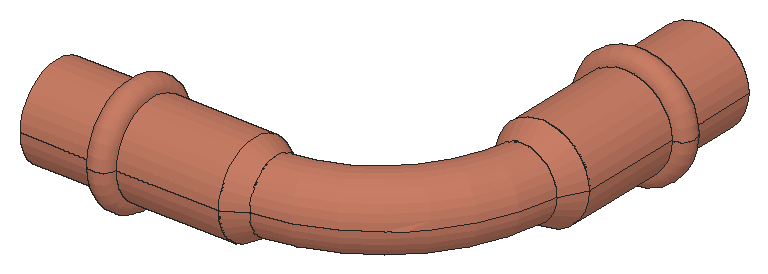
Revit family "Pipefitting_IBP_Conex_MaxiPro_90°Elbow_MP5002", category Pipe Fittings, Revit 2019
Family settings
  Round Connector Dimension = Use Diameter
  Part Type = Elbow
  OmniClass Number = 23.65.00.00
  OmniClass Title = Supply and Distribution of Liquids and Gases
  Work Plane-Based = No
  Always vertical = No
  Cut with Voids When Loaded = No
  Shared = No
Parameters (values of type "MP5002 0020000 1/4"")
  _DistributedBy = "www.bimmepaus.com.au/"
  _CurrentRevision = 1  # constant formula
  _CreatedBy = "technical@ibpgroup.com"
  _BimstoreBibleVersion = "14"  # constant formula
  _BimSpecGuid = 0  # constant formula
  _AuthorisedBy = ""
  _Author = "Luke Brown"  # constant formula
  Weight = 0.00 kg
  WarrantyStartDate [instance] = "Please Record On Commissioning."
  WarrantyGuarantorParts = "technical@ibpgroup.com"  # constant formula
  WarrantyGuarantorLabor = "technical@ibpgroup.com"  # constant formula
  WarrantyDurationMonths = 60  # constant formula
  WarrantyDescription = "Product Guarantee"  # constant formula
  URL = "http://www.conexbanninger.com/"
  Type Comments = "1/4\""
  SurfaceFinish [instance] = "Natural"  # constant formula
  SpareParts = "n/a"
  Size = Type Comments  # "1/4\""
  Shape = "Cylindrical"  # constant formula
  SerialNumber [instance] = "Please Record On Commissioning."
  SealType = "HNBR"
  ReplacementCost = "n/a"
  RefrigerantType = ""
  RefrigerantSafetyClass = ""
  RefrigerantCircuitNumber = ""
  ReferencedStandard = "n/a"
  ProductionYear = "n/a"  # constant formula
  ProductCode = Model  # "MP5002 0020000"
  PressJawCompatability = "MaxiPro Jaws supplied by Rothenberger"  # constant formula
  PressEnd_OD = 8.3 mm
  PipeConnectorType = "Press x Press"  # constant formula
  OperatingMaintenanceManual = ""
  ORingTemperatureRange = "-40°C to 140°C"  # constant formula
  NominalLength = 0 mm  # constant formula
  NominalHeight = 0 mm  # constant formula
  NominalDepth = 0 mm  # constant formula
  NBSReference = "90-10-65/315"  # constant formula
  NBSOfficeMasterTag = "n/a"  # constant formula
  NBSObjectName = "IBP - Copper pipeline fittings"  # constant formula
  NBSNote = "n/a"  # constant formula
  NBSDescription = "Copper pipeline fittings"  # constant formula
  ModelReference = Type Comments  # "1/4\""
  ModelNumber = Model  # "MP5002 0020000"
  Model = "MP5002 0020000"
  MaxHydrostaticPressure = 48 bar
  MaterialType = "Refrigerant Grade Copper, C12200"  # constant formula
  Material = Copper, C12200
  ManufacturerName = "IBP"  # constant formula
  Manufacturer = "Conex Banninger"  # constant formula
  TubeStop_Formula = A_PressEndLength - L1_TubeStop  # 14.5 mm
  L1_TubeStop = 18 mm
  Keynote = "S"  # constant formula
  InstallationDate [instance] = "Please Record On Commissioning."
  IfcExportType = "IfcPipeFittingType"  # constant formula
  IfcExportAs = "IfcPipeFitting"  # constant formula
  Grade = "n/a"
  FluidTemperatureMin = 273.15 °C - 40 °C + -273.15 °C  # -40 °C
  FluidTemperatureMax = 121 °C  # constant formula
  FittingType = Description  # "90° Elbow"
  Features = "n/a"
  ExpectedServiceLifeYears = 25  # constant formula
  E_StreetEndLength = 34.5 mm
  DocumentationTechnical = ""
  DocumentationLiterature = ""
  DocumentationInstallationGuide = ""
  DocumentationCertificates = ""
  Diameter = 6.3 mm
  Description = "90° Elbow"  # constant formula
  DN = 6.4 mm
  CreatedOn = " "
  CreatedBy = "technical@ibpgroup.com"  # constant formula
  Contact = "technical@ibpgroup.com"  # constant formula
  Constituents = "n/a"
  Colour = "n/a"  # constant formula
  CodePerformance = "n/a"
  ClassificationValue = "Pr_65_52_63_18"  # constant formula
  ClassificationName = "Uniclass2015"  # constant formula
  Bead_Dia = 2.3 mm
  Bead_Depth = 7.5 mm
  BeadLocation_Formula = A_PressEndLength - Bead_Depth  # 25 mm
  Barcode [instance] = "Please Record On Commissioning."
  BIMObjectName = "PipefittingP_IBP_Conex_MaxiPro_90DegreeElbow_MP5002"  # constant formula
  AssetType = "Fixed"  # constant formula
  AssetIdentifier [instance] = "Please Record On Commissioning."
  Assembly Code = "D20"
  Application = "Air conditioning & refrigeration"  # constant formula
  Angle = 30.00°
  AccessibilityPerformance = "n/a"
  A_PressEndLength = 32.5 mm
Types (8, lengths in mm): name | Type Comments | Size | ProductCode | PressEnd_OD | ModelReference | ModelNumber | Model | TubeStop_Formula | L1_TubeStop | E_StreetEndLength | Diameter | DN | Bead_Dia | Bead_Depth | BeadLocation_Formula | A_PressEndLength
  MP5002 0020000 1/4" | "1/4\"" | "1/4\"" | "MP5002 0020000" | 8.3 | "1/4\"" | "MP5002 0020000" | "MP5002 0020000" | 14.5 | 18 | 34.5 | 6.3 | 6.4 | 2.3 | 7.5 | 25 | 32.5
  MP5002 0030000 3/8" | "3/8\"" | "3/8\"" | "MP5002 0030000" | 11.5 | "3/8\"" | "MP5002 0030000" | "MP5002 0030000" | 15 | 18 | 34.5 | 9.5 | 9.6 | 2.3 | 7 | 26 | 33
  MP5002 0040000 1/2" | "1/2\"" | "1/2\"" | "MP5002 0040000" | 15.4 | "1/2\"" | "MP5002 0040000" | "MP5002 0040000" | 13.8 | 17.5 | 34.5 | 12.7 | 12.8 | 2.5 | 7 | 24.3 | 31.3
  MP5002 0050000 5/8" | "5/8\"" | "5/8\"" | "MP5002 0050000" | 19 | "5/8\"" | "MP5002 0050000" | "MP5002 0050000" | 18 | 21 | 45 | 15.9 | 16 | 2.7 | 8 | 31 | 39
  MP5002 0060000 3/4" | "3/4\"" | "3/4\"" | "MP5002 0060000" | 22 | "3/4\"" | "MP5002 0060000" | "MP5002 0060000" | 20.5 | 22 | 48 | 19 | 19.2 | 2.8 | 10 | 32.5 | 42.5
  MP5002 0070000 7/8" | "7/8\"" | "7/8\"" | "MP5002 0070000" | 25.5 | "7/8\"" | "MP5002 0070000" | "MP5002 0070000" | 26 | 24 | 53 | 22.2 | 22.4 | 3.3 | 10 | 40 | 50
  MP5002 0080000 1" | "1\"" | "1\"" | "MP5002 0080000" | 28.8 | "1\"" | "MP5002 0080000" | "MP5002 0080000" | 29.5 | 23.5 | 56 | 25.4 | 25.6 | 3.1 | 10.2 | 42.8 | 53
  MP5002 0090000 1 1/8" | "1 1/8\"" | "1 1/8\"" | "MP5002 0090000" | 32.1 | "1 1/8\"" | "MP5002 0090000" | "MP5002 0090000" | 31.5 | 25.5 | 61.5 | 28.5 | 28.8 | 3.3 | 10.2 | 46.8 | 57
Reference planes
  plane 1 "Center (Front/Back)": y = 0
  plane 2: z = 0
  plane 3 "Center (Left/Right)": x = 0
  plane 4: y = 32.5
  plane 5: x = -32.5
  plane 6: x = 3.2
  plane 7: x = -3.2
  plane 8: y = 25
  plane 9: x = 4.15
  plane 10: x = -4.15
  plane 11 "PressEnd_Connection": y = 14.5
  plane 12 "PressEnd_Connection2": x = -14.5
  plane 13 "0": x = -25
  plane 14: y = 4.15
  plane 15: y = -4.15
  plane 16: y = 3.2
  plane 17: y = -3.2
Forms (mm)
  Revolve 1, solid, material "Copper, C12200" <- "Material", detail levels fine
    sketch origin (0, 0, 0) x (1, 0, 0) y (0, 1, 0)
      loop
        line (0, 25) -> (0, 7.087) -> (4.28, 14.5) -> (4.28, 23.85)
        arc (4.28, 23.85) -> (5.43, 25) -> (4.28, 26.15) r 1.15
        line (4.28, 26.15) -> (4.28, 32.5) -> (3.2, 32.5) -> (3.2, 25) -> (0, 25)
      axis (0, 7.087) -> (0, 32.5)
    angle from 0 to 360
  Sweep 2, solid, material "Copper, C12200" <- "Material", detail levels fine
    path origin (0, 0, 0) x (1, 0, 0) y (0, 1, 0)
      loop
        arc (0, 14.5) -> (-4.247, 4.247) -> (-14.5, 0) r 14.5
    profile origin (-14.5, 0, 0) x (0, -1, 0) y (0, 0, 1)
      loop
        circle (0, 0) r 3.15
  Revolve 3, solid, material "Copper, C12200" <- "Material", detail levels fine
    sketch origin (0, 0, 0) x (1, 0, 0) y (0, 1, 0)
      loop
        line (-26.15, 4.15) -> (-32.5, 4.15) -> (-32.5, 3.2) -> (-25, 3.2) -> (-25, 0) -> (-7.312, 0) -> (-14.5, 4.15) -> (-23.85, 4.15)
        arc (-23.85, 4.15) -> (-25, 5.3) -> (-26.15, 4.15) r 1.15
      axis (-7.312, 0) -> (-32.5, 0)
    angle from 0 to 360
Cuts and joins
  joined: Revolve 1, Sweep 2, Revolve 3
Dimensions and locks
  "A_PressEndLength": plane 4 to plane 1 "Center (Front/Back)"
  "A_PressEndLength": plane 5 to plane 3 "Center (Left/Right)"
  equal spacing: plane 7, plane 3 "Center (Left/Right)", plane 6
  "DN": plane 7 to plane 6
  "BeadLocation_Formula": plane 8 to plane 1 "Center (Front/Back)"
  equal spacing: plane 10, plane 3 "Center (Left/Right)", plane 9
  "PressEnd_OD": plane 10 to plane 9
  "TubeStop_Formula": plane 11 "PressEnd_Connection" to plane 1 "Center (Front/Back)"
  "TubeStop_Formula": plane 12 "PressEnd_Connection2" to plane 3 "Center (Left/Right)"
  "BeadLocation_Formula": plane 13 "0" to plane 3 "Center (Left/Right)"
  equal spacing: plane 15, plane 1 "Center (Front/Back)", plane 14
  "PressEnd_OD": plane 15 to plane 14
  equal spacing: plane 17, plane 1 "Center (Front/Back)", plane 16
  "DN": plane 17 to plane 16
  "Bead_Dia": diameter of Revolve 1 sketch curve
  "Diameter": diameter of Sweep 2 sketch curve
  "Bead_Dia": diameter of Revolve 3 sketch curve
  "Angle": angle Revolve 1 sketch curve to Revolve 1 sketch curve
  "Angle": angle Revolve 3 sketch curve to plane 14
  aligned and locked: level to plane 2
  aligned and locked: plane 1 "Center (Front/Back)" to nested 1
  aligned and locked: plane 3 "Center (Left/Right)" to nested 1
Automatic sketch dimensions
  plane 1 "Center (Front/Back)" to Sweep 2 sketch curve = 0 mm
  Sweep 2 sketch curve to plane 12 "PressEnd_Connection2" = 0 mm
  Sweep 2 sketch curve to plane 3 "Center (Left/Right)" = 0 mm
  Revolve 1 sketch curve to plane 3 "Center (Left/Right)" = 0 mm  (x2)
  Revolve 1 sketch curve to plane 6 = 0 mm
  Revolve 1 sketch curve to plane 4 = 0 mm  (x2)
  Revolve 1 sketch curve to plane 11 "PressEnd_Connection" = 0 mm
  Revolve 1 sketch curve to plane 8 = 0 mm  (x2)
  plane 9 to Revolve 1 sketch curve = 0.13 mm
  Revolve 1 sketch curve to Revolve 1 sketch curve = 5.539 mm
  Sweep 2 sketch curve to level = 0 mm
  Sweep 2 sketch curve to profile plane = 0 mm
  plane 1 "Center (Front/Back)" to Revolve 3 sketch curve = 0 mm  (x2)
  Revolve 3 sketch curve to plane 5 = 0 mm  (x2)
  Revolve 3 sketch curve to plane 14 = 0 mm
  Revolve 3 sketch curve to plane 13 "0" = 0 mm  (x2)
  Revolve 3 sketch curve to plane 12 "PressEnd_Connection2" = 0 mm
  Revolve 3 sketch curve to plane 16 = 0 mm
  plane 5 to Revolve 3 sketch curve = 5.811 mm
Nested families
  nested 1: "90 Degree Elbow" at (-32.5, 32.5, 0) x (0, -1, 0) z (0, 0, 1), type "90 Degree Elbow", detail levels coarse+medium
Connectors
  piping at (0, 14.5, 0), diameter 6.4, driven by "DN"
    settings: index 1, connector inside diameter 609.6 mm, connector length 0 mm, flow factor 0, pipe flow 0.0 L/s, pressure drop 0 bar, fitting loss kfactor 0, connector angle 0.00°, fixture units 0, engagement length 0 mm, angle of deflection 0.00°, flow configuration 0, flow direction 0, fitting loss method 0, system type 7, joint type 0, gender type 0, connector reference index -1, connector utility 0, adjustable connector no, is connector primary yes, connector description ""
  piping at (-14.5, 0, 0), diameter 6.4, driven by "DN"
    settings: index 2, connector inside diameter 609.6 mm, connector length 0 mm, flow factor 0, pipe flow 0.0 L/s, pressure drop 0 bar, fitting loss kfactor 0, connector angle 0.00°, fixture units 0, engagement length 0 mm, angle of deflection 0.00°, flow configuration 0, flow direction 0, fitting loss method 0, system type 7, joint type 0, gender type 0, connector reference index -1, connector utility 0, adjustable connector no, is connector primary no, connector description ""
Definition of nested family "90 Degree Elbow"
  Parameters (values of type "90 Degree Elbow")
    rad = L / 2  # 19.112 mm
    d1 = 15 mm
    L2 = 38.224 mm
    L = 38.224 mm
  Reference planes
    plane 1 "Center (Front/Back)": y = 0
    plane 2: z = 0
    plane 3 "Center (Left/Right)": x = 0
    plane 4: y = 38.224
    plane 5: x = 38.224
    plane 6: x = 45.724
    plane 7: x = 30.724
    plane 8: y = 45.724
    plane 9: y = 30.724
  Lines and regions (mm)
    model lines
      curve 1: line (38.224, 0, 0) -> (38.224, 19.112, 0)
      curve 2: line (19.112, 38.224, 0) -> (0, 38.224, 0)
      curve 3: arc (19.112, 38.224, 0) -> (32.626, 32.626, 0) -> (38.224, 19.112, 0) r 19.112
      curve 4: line (0, 30.724, 0) -> (0, 45.724, 0)
      curve 5: line (30.724, 0, 0) -> (45.724, 0, 0)
  Dimensions and locks
    "L": plane 3 "Center (Left/Right)" to plane 5
    "L2": plane 4 to plane 1 "Center (Front/Back)"
    equal spacing: plane 7, plane 5, plane 6
    equal spacing: plane 8, plane 4, plane 9
    "d1": plane 8 to plane 9
    "d1": plane 7 to plane 6
    "rad": radius of curve 3
    aligned and locked: level to plane 2
  Automatic sketch dimensions
    curve 4 to plane 3 "Center (Left/Right)" = 0 mm
    curve 2 to plane 4 = 0 mm
    plane 1 "Center (Front/Back)" to curve 5 = 0 mm
    curve 5 to plane 7 = 0 mm
    curve 1 to plane 5 = 0 mm
    curve 5 to plane 6 = 0 mm
    curve 4 to plane 9 = 0 mm
    curve 4 to plane 8 = 0 mm
